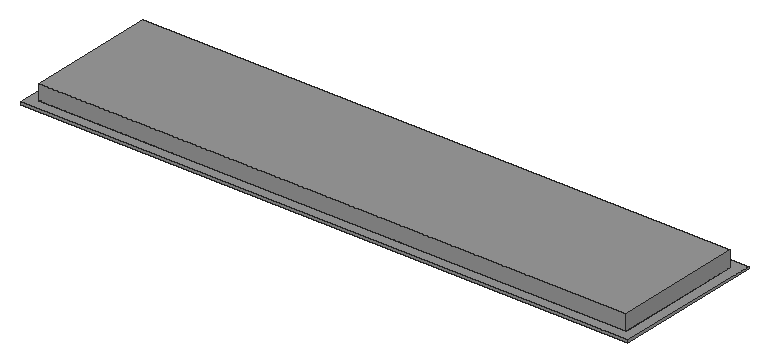
Revit family "63_UN_LEDPanel_CoreLine panel G5 W30L120 SM_Signify", category Lighting Fixtures, Revit 2019
Family settings
  Round Connector Dimension = Use Diameter
  Part Type = Normal
  OmniClass Number = 23.80.70.11.14.11
  OmniClass Title = Downlights
  Work Plane-Based = No
  Always vertical = Yes
  Cut with Voids When Loaded = No
  Light Source = Yes
  Shared = No
  Room Calculation Point = Yes
Parameters (values of type "W30L120 PSU OC")
  Wattage Comments = "34W"
  Wattage = 24.2356 W
  built-in parameter 1150110 = 1 (stored number, unit not read)
  Voltage = 230 V
  URL = "https://www.ivlibrary.com/"
  Type Comments = "G5 W30L120"
  built-in parameter 1114217 = 1 (stored number, unit not read)
  Tilt Angle = 90.00°
  built-in parameter 1150109 = 1 (stored number, unit not read)
  built-in parameter 1150134 = 3
  Symbol_ToScale [instance] = not(Symbol_RealSize)  # no
  Symbol_RealSize [instance] = yes
  Switch Code [instance] = ""
  built-in parameter 1150113 = 1 (stored number, unit not read)
  Photometric Web File = "ES-M-PS-12S-827-PSD-MB-ALL-ALL.ies"
  Model = "Coreline Panel"
  Manufacturer = "Signify"
  built-in parameter 1150105 = 286.48 (stored number, unit not read)
  Luminous Flux (lm) = 3600 lm
  Lumens = 3600 lm
  built-in parameter 1150115 = 1 (stored number, unit not read)
  Luminaire Code [instance] = ""
  built-in parameter 1150137 = (empty or 0)
  built-in parameter 1150139 = (empty or 0)
  built-in parameter 1150112 = 1 (stored number, unit not read)
  built-in parameter 1150114 = 1 (stored number, unit not read)
  Lamp = "LED"
  built-in parameter 1150132 = 2
  built-in parameter 1150102 = (empty or 0)
  built-in parameter 1150107 = 3200 (stored number, unit not read)
  built-in parameter 1150138 = (empty or 0)
  built-in parameter 1150106 = 2.8648 (stored number, unit not read)
  IfcExportType = "USERDEFINED"
  IfcExportAs = "IfcLightFixtureType"
  IP Value = "IP20"
  IK Value = "IK02"
  Housing_Material = Laminate, White
  Emit from Rectangle Width = 255 mm
  Emit from Rectangle Length = 1155 mm
  Emit Shape Visible in Rendering = no
  built-in parameter 1150104 = 13.8 (stored number, unit not read)
  Dimming Lamp Color Temperature Shift = <None>
  Description = ""
  Content Creator® = "www.ivlibrary.com"
  Color Filter = 16777215
  Calc_L2_Symbol = 2.95 mm
  Calc_L1_Symbol = 11.95 mm
  built-in parameter 1114218 = 1 (stored number, unit not read)
  built-in parameter 1150133 = 10 (stored number, unit not read)
  Assembly Code = "63.0"
  Apparent Load = 34 VA
Types (4): name
  W30L120 PSD OC
  W30L120 PSU NOC
  W30L120 PSU OC
  30120_WIA
Reference planes
  plane 1 "Center (Front/Back)": y = 0
  plane 2: z = 0
  plane 3 "Center (Left/Right)": x = 0
  plane 4: x = -577.5
  plane 5: x = 577.5
  plane 6: y = 127.5
  plane 7: y = -127.5
  plane 8: x = -597.5
  plane 9: x = 597.5
  plane 10: y = -147.5
  plane 11: y = 147.5
Forms (mm)
  Extrusion 1, solid, material "Laminate, White" <- "Housing_Material"
    sketch origin (0, 0, -30) x (1, 0, 0) y (0, 1, 0)
      loop
        line (-577.5, 127.5) -> (-577.5, -127.5) -> (577.5, -127.5) -> (577.5, 127.5) -> (-577.5, 127.5)
    from 0 to 30
  Extrusion 2, solid, material "Glass, White, High Luminance"
    sketch origin (0, 0, -30) x (1, 0, 0) y (0, 1, 0)
      loop
        line (-577.5, 127.5) -> (-577.5, -127.5) -> (577.5, -127.5) -> (577.5, 127.5) -> (-577.5, 127.5)
    from 0 to -1
  Extrusion 3, solid, material "Laminate, White" <- "Housing_Material"
    sketch origin (0, 0, -30) x (1, 0, 0) y (0, 1, 0)
      loop
        line (-577.5, 127.5) -> (-577.5, -127.5) -> (577.5, -127.5) -> (577.5, 127.5) -> (-577.5, 127.5)
      loop
        line (-597.5, -147.5) -> (597.5, -147.5) -> (597.5, 147.5) -> (-597.5, 147.5) -> (-597.5, -147.5)
    from 0 to -5
Lines and regions (mm)
  symbolic lines, visible <- "Symbol_RealSize"
    curve 1: line (-597.5, -147.5, 0) -> (597.5, -147.5, 0)
    curve 2: line (-597.5, 147.5, 0) -> (-597.5, -147.5, 0)
    curve 3: line (597.5, 147.5, 0) -> (-597.5, 147.5, 0)
    curve 4: line (597.5, -147.5, 0) -> (597.5, 147.5, 0)
Dimensions and locks
  equal spacing: plane 11, plane 1 "Center (Front/Back)", plane 10
  equal spacing: plane 8, plane 3 "Center (Left/Right)", plane 9
  plane 8 to plane 9 = 1195 mm
  plane 11 to plane 10 = 295 mm
  plane 8 to plane 4 = 20 mm
  plane 5 to plane 9 = 20 mm
  plane 6 to plane 11 = 20 mm
  plane 7 to plane 10 = 20 mm
  aligned and locked: level to plane 2
  aligned and locked: Extrusion 2 sketch curve to Extrusion 1  (x4)
Automatic sketch dimensions
  curve 3 to plane 8 = 0 mm
  curve 3 to plane 9 = 0 mm
  curve 1 to plane 10 = 0 mm
  plane 11 to curve 3 = 0 mm
  Extrusion 1 sketch curve to plane 4 = 0 mm
  Extrusion 1 sketch curve to plane 5 = 0 mm
  Extrusion 1 sketch curve to plane 7 = 0 mm
  Extrusion 1 sketch curve to plane 6 = 0 mm
  Extrusion 3 sketch curve to plane 8 = 0 mm
  Extrusion 3 sketch curve to plane 4 = 0 mm
  Extrusion 3 sketch curve to plane 5 = 0 mm
  Extrusion 3 sketch curve to plane 9 = 0 mm
  Extrusion 3 sketch curve to plane 10 = 0 mm
  Extrusion 3 sketch curve to plane 7 = 0 mm
  Extrusion 3 sketch curve to plane 6 = 0 mm
  plane 11 to Extrusion 3 sketch curve = 0 mm
Nested families
  nested 1: "Parametric LED Panel Symbol" at (0, 0, 0), L1 <- "Calc_L1_Symbol", L2 <- "Calc_L2_Symbol", visible <- "Symbol_ToScale", type "Parametric LED Panel Symbol"
    with L2 2.95 mm, L1 11.95 mm
Connectors
  electrical at (0, 0, 0), driven by "Voltage", driven by "Apparent Load"
    settings: index 2, voltage 230 V, apparent load 0 VA, apparent load phase1 34 VA, apparent load phase2 0 VA, apparent load phase3 0 VA, power factor 1, load classification "Lighting", number of poles 1, system type 31, power factor state 1, is connector primary yes, connector utility no, sub classification motor no, connector description ""
Definition of nested family "Parametric LED Panel Symbol"
  Parameters (values of type "Parametric LED Panel Symbol")
    L2 [instance] = 4.484 mm
    L1 [instance] = 6.437 mm
  Reference planes
    plane 1: y = 0
    plane 2: x = 0
  Lines and regions (mm)
    detail lines
      curve 1: line (-3.219, 2.242, 0) -> (3.219, 2.242, 0)
      curve 2: line (-3.219, -2.242, 0) -> (-3.219, 2.242, 0)
      curve 3: line (3.219, -2.242, 0) -> (-3.219, -2.242, 0)
      curve 4: line (3.219, 2.242, 0) -> (3.219, -2.242, 0)
  Dimensions and locks
    equal spacing: curve 2, plane 2, curve 4
    equal spacing: curve 3, plane 1, curve 1
    "L1": curve 2 to curve 4
    "L2": curve 3 to curve 1
